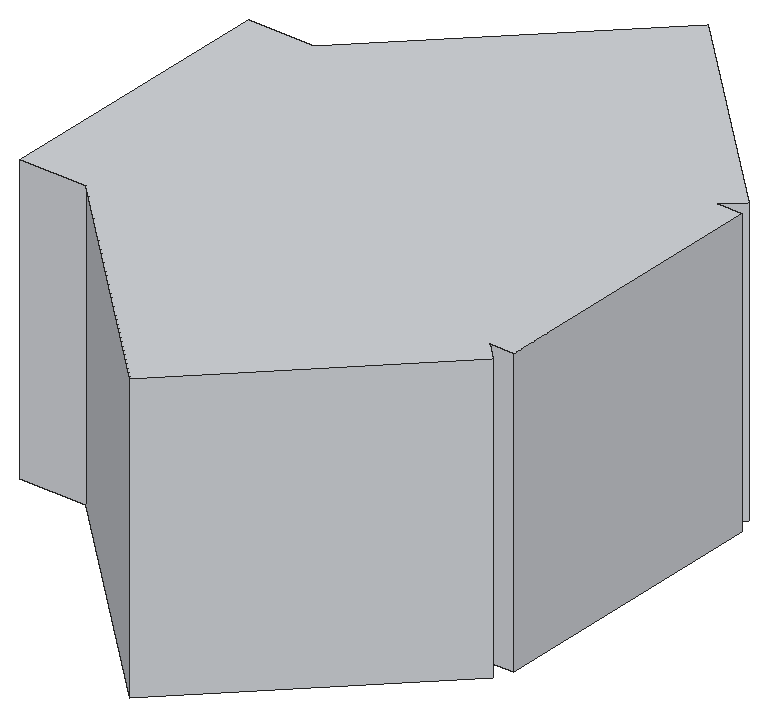
Revit family "M_Duplo Y retangular", category Conexões de duto, Revit 2019
Family settings
  Cota do conector redondo = Utilizar diâmetro
  Tipo de parte = Ipsílon
  Número OmniClass = 23.75.70.14
  Título OmniClass = Air Ductwork
  ID de item do Seek = Rectangular Double Wye-0000-CAN-ENU
  Com base no plano de trabalho = Não
  Sempre na vertical = Sim
  Corte com vazios quando carregada = Não
  Compartilhado = Não
Parameters (values of type "Padrão")
  Largura do duto 4 [instance] = 300 mm
  Largura do duto 3 [instance] = 300 mm
  Largura do duto 1 [instance] = 300 mm
  built-in parameter 1114242 [instance] = 1
  Anteparo = 25 mm
  Comprimento4a [instance] = if(Ângulo4 = 90.00°, (Largura do duto 1 / 2), (Largura do duto 1 / 2) / sin(Ângulo4) + (Largura do duto 4) / (tan(Ângulo4) * 2))  # 362.132 mm
  Comprimento4 [instance] = Comprimento4a + Anteparo  # 387.132 mm
  Comprimento3a [instance] = if(Ângulo3 = 90.00°, (Largura do duto 1 / 2), (Largura do duto 1 / 2) / sin(Ângulo3) + (Largura do duto 3) / (tan(Ângulo3) * 2))  # 362.132 mm
  Comprimento3 [instance] = Comprimento3a + Anteparo  # 387.132 mm
  Comprimento2b [instance] = (Comprimento4a) * cos(Ângulo4) + (sin(Ângulo4) * (Largura do duto 4 / 2))  # 362.132 mm
  Comprimento2 [instance] = Comprimento2c + Anteparo  # 387.132 mm
  Comprimento2a [instance] = (Comprimento3a) * cos(Ângulo3) + (sin(Ângulo3) * (Largura do duto 3 / 2))  # 362.132 mm
  Comprimento1b [instance] = Largura do duto 3 * sin(Ângulo3) / 2  # 106.066 mm
  Comprimento1a [instance] = Largura do duto 4 * sin(Ângulo4) / 2  # 106.066 mm
  Comprimento1 [instance] = if(Comprimento1a > Comprimento1b, Comprimento1a + Anteparo, Comprimento1b + Anteparo)  # 131.066 mm
  Comprimento2c [instance] = if(Comprimento2b > Comprimento2a, Comprimento2b, Comprimento2a)  # 362.132 mm
  Altura do duto [instance] = 300 mm
  Ângulo4 [instance] = 45.00°
  Ângulo3 [instance] = 45.00°
Reference planes
  plane 1 "Centro (Frente/Trás)": y = 0
  plane 2: z = 0
  plane 3 "Centro (Esquerda/Direita)": x = 0
  plane 4: x = -131.066
  plane 5: x = 387.132
  plane 6: x = -262.132
Forms (mm)
  Sweep 1, solid, detail levels medium+fine
    path in 3D
      loop
        line (-131.066, 0, 0) -> (0, 0, 0)
    profile "M_Duto - Retangular : Duto - Retangular 1" origin (-65.533, 0, 0) x (0, 1, 0) y (0, 0, 1)
      loop
        line (-150, 150) -> (-150, -150) -> (150, -150) -> (150, 150) -> (-150, 150)
  Sweep 2, solid, detail levels medium+fine
    path in 3D
      loop
        line (0, 0, 0) -> (387.132, 0, 0)
    profile "M_Duto - Retangular : Duto - Retangular 1" origin (193.566, 0, 0) x (0, 1, 0) y (0, 0, 1)
      loop
        line (-150, 150) -> (-150, -150) -> (150, -150) -> (150, 150) -> (-150, 150)
  Sweep 3, solid, detail levels medium+fine
    path in 3D
      loop
        line (0, 0, 0) -> (273.744, 273.744, 0)
    profile "M_Duto - Retangular : Duto - Retangular 3" origin (136.872, 136.872, 0) x (-0.707107, 0.707107, 0) y (0, 0, 1)
      loop
        line (-150, 150) -> (-150, -150) -> (150, -150) -> (150, 150) -> (-150, 150)
  Sweep 4, solid, detail levels medium+fine
    path in 3D
      loop
        line (0, 0, 0) -> (273.744, -273.744, 0)
    profile "M_Duto - Retangular : Duto - Retangular 4" origin (136.872, -136.872, 0) x (0.707107, 0.707107, 0) y (0, 0, 1)
      loop
        line (-150, 150) -> (-150, -150) -> (150, -150) -> (150, 150) -> (-150, 150)
  Sweep 5, void, detail levels coarse
    path in 3D
      loop
        line (-131.066, 0, 0) -> (-262.132, 0, 0)
    profile "M_Duto - Retangular : Duto - Retangular 1" origin (-196.599, 0, 0) x (0, -1, 0) y (0, 0, 1)
      loop
        line (-150, 150) -> (-150, -150) -> (150, -150) -> (150, 150) -> (-150, 150)
Cuts and joins
  Sweep 5 cuts Sweep 1
  Sweep 5 cuts Sweep 2
  Sweep 5 cuts Sweep 3
  Sweep 5 cuts Sweep 4
  joined: Sweep 1, Sweep 2, Sweep 3, Sweep 4
Lines and regions (mm)
  reference lines
    curve 1: line (-131.066, 0, 0) -> (0, 0, 0)
    curve 2: line (0, 0, 0) -> (387.132, 0, 0)
    curve 3: line (0, 0, 0) -> (273.744, 273.744, 0)
    curve 4: line (0, 0, 0) -> (273.744, -273.744, 0)
    curve 13: line (-131.066, 0, 0) -> (-262.132, 0, 0)
  sketch lines
    curve 5: line (-131.066, 0, 0) -> (0, 0, 0)
    curve 6: line (0, 0, 0) -> (387.132, 0, 0)
    curve 7: line (0, 0, 0) -> (273.744, 273.744, 0)
    curve 8: line (0, 0, 0) -> (273.744, -273.744, 0)
    curve 14: line (-131.066, 0, 0) -> (-262.132, 0, 0)
  model lines, style "DuctFitting", detail levels coarse
    curve 9: line (-131.066, 0, 0) -> (0, 0, 0)
    curve 10: line (0, 0, 0) -> (273.744, 273.744, 0)
    curve 11: line (0, 0, 0) -> (387.132, 0, 0)
    curve 12: line (0, 0, 0) -> (273.744, -273.744, 0)
Dimensions and locks
  "Comprimento4": curve 4 to curve 4
  "Comprimento3": curve 3 to curve 3
  "Comprimento1": plane 4 to plane 3 "Centro (Esquerda/Direita)"
  "Comprimento2": plane 3 "Centro (Esquerda/Direita)" to plane 5
  "Comprimento3": curve 10 to curve 10
  "Comprimento4": curve 12 to curve 12
  "Comprimento1": plane 6 to plane 4
  "Ângulo3": angle plane 1 "Centro (Frente/Trás)" to curve 3
  "Ângulo4": angle curve 4 to plane 1 "Centro (Frente/Trás)"
  aligned and locked: plane 4 to curve 1
  aligned and locked: plane 1 "Centro (Frente/Trás)" to curve 1
  aligned and locked: plane 5 to curve 2
  aligned and locked: plane 3 "Centro (Esquerda/Direita)" to curve 2
  aligned and locked: plane 1 "Centro (Frente/Trás)" to curve 2
  aligned and locked: curve 1 to curve 9
  aligned and locked: curve 10 to curve 3
  aligned and locked: curve 12 to curve 4
  aligned and locked: plane 4 to curve 9
  aligned and locked: plane 5 to curve 11
  aligned and locked: plane 6 to curve 13
Connectors
  hvac at (-131.066, 0, 0), driven by "Altura do duto", driven by "Largura do duto 1"
    settings: on Sweep 1, index 1, duct flow 0.0 L/s, flow factor 0, pres drop 0.0 Pa, loss coef 0, conn angle 0.00°, conn width 300 mm, conn height 300 mm, conn diameter 609.6 mm, duct sys type 28, conn prof type 1, flow config 0, flow direction 0, loss method 0, conn ref index 2, conn util no, is conn primary yes, conn desc ""
  hvac at (387.132, 0, 0), driven by "Altura do duto", driven by "Largura do duto 1"
    settings: on Sweep 2, index 2, duct flow 0.0 L/s, flow factor 0, pres drop 0.0 Pa, loss coef 0, conn angle 0.00°, conn width 300 mm, conn height 300 mm, conn diameter 609.6 mm, duct sys type 28, conn prof type 1, flow config 0, flow direction 0, loss method 0, conn ref index 1, conn util no, is conn primary no, conn desc ""
  hvac at (273.744, 273.744, 0), driven by "Ângulo3", driven by "Altura do duto", driven by "Largura do duto 3"
    settings: on Sweep 3, index 3, duct flow 0.0 L/s, flow factor 0, pres drop 0.0 Pa, loss coef 0, conn angle 45.00°, conn width 300 mm, conn height 300 mm, conn diameter 609.6 mm, duct sys type 28, conn prof type 1, flow config 0, flow direction 0, loss method 0, conn ref index -1, conn util no, is conn primary no, conn desc ""
  hvac at (273.744, -273.744, 0), driven by "Ângulo4", driven by "Altura do duto", driven by "Largura do duto 4"
    settings: on Sweep 4, index 4, duct flow 0.0 L/s, flow factor 0, pres drop 0.0 Pa, loss coef 0, conn angle 45.00°, conn width 300 mm, conn height 300 mm, conn diameter 609.6 mm, duct sys type 28, conn prof type 1, flow config 0, flow direction 0, loss method 0, conn ref index -1, conn util no, is conn primary no, conn desc ""
